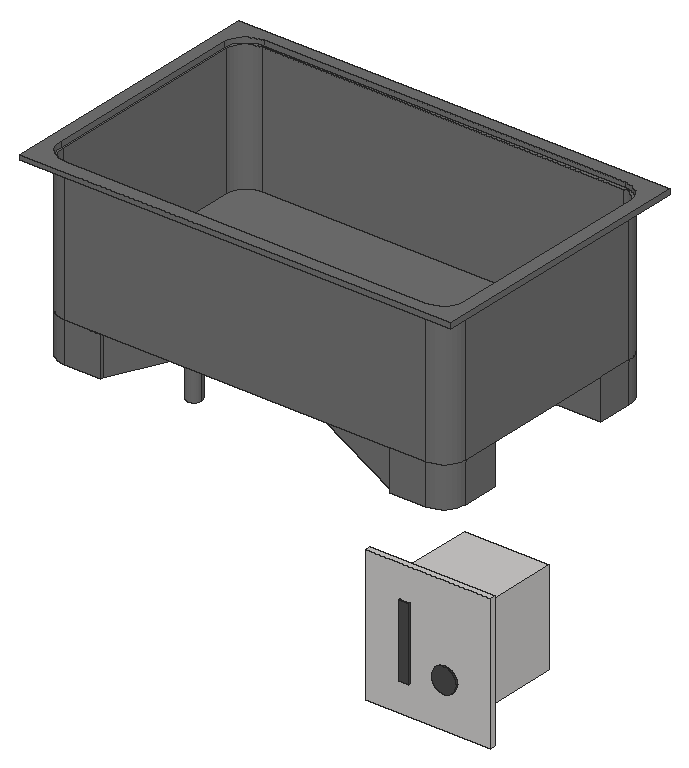
Revit family "QF_Vollrath_72112", category Specialty Equipment, Revit 2016
Family settings
  Part Type = Normal
  Round Connector Dimension = Use Diameter
  OmniClass Number = 23.40.40.14.14
  OmniClass Title = Food Preparation Equipment
  Work Plane-Based = No
  Always vertical = Yes
  Cut with Voids When Loaded = No
  Shared = No
  Room Calculation Point = No
Parameters
  Weight in Pounds = 31.84
  Watts = 700 W
  Watermarked By = "http://revitwatermark.com"
  Waste Water Discharge Temperature [instance] = -459.67 °F
  Volts = 120 V
  URL Cutsheet = ""
  URL = "www.vollrathco.com"
  Status [instance] = ""
  Specification by User [instance] = ""
  Specification by Manufacturer [instance] = ""
  Serial Number [instance] = ""
  Seismic Rating [instance] = ""
  SMACNA No [instance] = ""
  Revision Code [instance] = ""
  Remote Control Width [instance] = 2' - 0"
  Remote Control Height AFF [instance] = 2' - 6 3/8"
  Remote Control Depth [instance] = 0' - 8"
  Plumbing Remarks [instance] = ""
  Plumbing Connection Type [instance] = ""
  Phase = 1
  Number of Poles = 1
  NAFEM Spec ID Number [instance] = ""
  Model = "72112"
  Masterspec [instance] = ""
  Manufacturer = "Vollrath"
  Item Number [instance] = "-"
  Installed By [instance] = ""
  Indirect Waste Size = 1/2"
  Indirect Waste Flow [instance] = 0.00 GPM
  Indirect Waste Connection Type [instance] = ""
  Indirect Waste Connection Height [instance] = Height AFF - 0' 11"  # 2' - 0.88"
  Height AFF [instance] = 2' - 11.88"
  Furnished By [instance] = ""
  Foodservice Equipment Identifier [instance] = yes
  FL Amps = 5.8 A
  Electrical Remarks [instance] = ""
  Electric Connection Type [instance] = ""
  Elec Conn RI Height [instance] = 0' - 0"
  Elec Conn Connection Height [instance] = Height AFF - 0' 8"  # 2' - 3.88"
  Description = "Drop-In Warmer"
  Cycle = 60 Hz
  Conn Conduit = yes
  CSI MasterFormat = "11 42 00"
  Assembly Code = "E1090320"
  Apparent Power = Volts * FL Amps  # 696 VA
Reference planes (in)
  plane 1 "BACK": x = -0.78363
  plane 2: z = 0
  plane 3 "LEFT": y = 11.55242
  plane 4 "RIGHT": y = -2.19758
  plane 5: x = -22.43863
  plane 6: y = 10.80242
  plane 7: y = -1.44758
  plane 8: x = -1.53363
  plane 9 "Front of Bottom": x = -21.68863
  plane 10 "Table Top": z = 35.88
  plane 11 "TOP": z = 36.13
  plane 12 "BOTTOM": z = 26.985
  plane 13 "Bottom of Well": z = 29
  plane 14: y = 7.99592
  plane 15: y = 1.35892
  plane 16: x = -4.34613
  plane 17: x = -18.87613
  plane 18 "Drain": z = 25
  plane 19: x = 1.56137
  plane 20: x = 7.81137
  plane 21: y = -5.52258
  plane 22 "RC Front": y = -10.44758
  plane 23: y = -10.19758
  plane 24: x = 6.81137
  plane 25: x = 2.56137
  plane 26: z = 30.375
  plane 27: z = 23.625
  plane 28: z = 24.625
  plane 29: z = 29.375
  plane 30: z = 28.74817
  plane 31: z = 25.10671
  plane 32: z = 23.055
Forms (in)
  Extrusion 1, solid, material "QF_Finishes_Dark Grey"
    sketch origin (-0.78363, 5.55242, 35.88) x (1, 0, 0) y (0, 1, 0)
      loop
        arc (-0.75, 4.25) -> (-1.04289, 4.95711) -> (-1.75, 5.25) r 1
        line (-1.75, 5.25) -> (-19.905, 5.25)
        arc (-19.905, 5.25) -> (-20.61211, 4.95711) -> (-20.905, 4.25) r 1
        line (-20.905, 4.25) -> (-20.905, -6)
        arc (-20.905, -6) -> (-20.61211, -6.70711) -> (-19.905, -7) r 1
        line (-19.905, -7) -> (-1.75, -7)
        arc (-1.75, -7) -> (-1.04289, -6.70711) -> (-0.75, -6) r 1
        line (-0.75, -6) -> (-0.75, 4.25)
      loop
        arc (-0.625, 4.25) -> (-0.9545, 5.0455) -> (-1.75, 5.375) r 1.125
        line (-1.75, 5.375) -> (-19.905, 5.375)
        arc (-19.905, 5.375) -> (-20.7005, 5.0455) -> (-21.03, 4.25) r 1.125
        line (-21.03, 4.25) -> (-21.03, -6)
        arc (-21.03, -6) -> (-20.7005, -6.7955) -> (-19.905, -7.125) r 1.125
        line (-19.905, -7.125) -> (-1.75, -7.125)
        arc (-1.75, -7.125) -> (-0.9545, -6.7955) -> (-0.625, -6) r 1.125
        line (-0.625, -6) -> (-0.625, 4.25)
    from 0 to -6.88
  Extrusion 2, solid, material "QF_Finishes_Dark Grey"
    sketch origin (-0.78363, 5.55242, 29) x (1, 0, 0) y (0, 1, 0)
      loop
        line (-3.5625, 2.4435) -> (-0.625, 2.4435) -> (-0.625, 4.25)
        arc (-0.625, 4.25) -> (-0.9545, 5.0455) -> (-1.75, 5.375) r 1.125
        line (-1.75, 5.375) -> (-3.5625, 5.375) -> (-3.5625, 2.4435)
      loop
        line (-3.5625, -4.1935) -> (-3.5625, -7.125) -> (-1.75, -7.125)
        arc (-1.75, -7.125) -> (-0.9545, -6.7955) -> (-0.625, -6) r 1.125
        line (-0.625, -6) -> (-0.625, -4.1935) -> (-3.5625, -4.1935)
      loop
        line (-18.0925, 2.4435) -> (-18.0925, 5.375) -> (-19.905, 5.375)
        arc (-19.905, 5.375) -> (-20.7005, 5.0455) -> (-21.03, 4.25) r 1.125
        line (-21.03, 4.25) -> (-21.03, 2.4435) -> (-18.0925, 2.4435)
      loop
        line (-18.0925, -4.1935) -> (-21.03, -4.1935) -> (-21.03, -6)
        arc (-21.03, -6) -> (-20.7005, -6.7955) -> (-19.905, -7.125) r 1.125
        line (-19.905, -7.125) -> (-18.0925, -7.125) -> (-18.0925, -4.1935)
    from 0 to -2.015
  Extrusion 3, solid, material "QF_Finishes_Dark Grey"
    sketch origin (0, 11.55242, 0) x (1, 0, 0) y (0, 0, 1)
      loop
        line (-4.34613, 29) -> (-7.83621, 29) -> (-4.34613, 26.985) -> (-4.34613, 29)
    from 0.75 to 3.5565
  Extrusion 4, solid, material "QF_Finishes_Dark Grey"
    sketch origin (-0.78363, -2.10258, 0) x (1, 0, 0) y (0, 0, -1)
      loop
        line (-3.5625, -29) -> (-3.5625, -26.985) -> (-7.05258, -29) -> (-3.5625, -29)
    from 0.655 to 3.4615
  Extrusion 5, solid, material "QF_Finishes_Dark Grey"
    sketch origin (0, -10.10258, 0) x (-1, 0, 0) y (0, 0, -1)
      loop
        line (18.87613, -29) -> (18.87613, -26.985) -> (15.38605, -29) -> (18.87613, -29)
    from -20.905 to -18.0985
  Extrusion 6, solid, material "QF_Finishes_Dark Grey"
    sketch origin (-22.43863, -2.10258, 0) x (-1, 0, 0) y (0, 0, 1)
      loop
        line (-3.5625, 29) -> (-7.05258, 29) -> (-3.5625, 26.985) -> (-3.5625, 29)
    from 0.655 to 3.4615
  Extrusion 7, solid, material "QF_Finishes_Dark Grey"
    sketch origin (-16.53363, 5.55242, 29) x (1, 0, 0) y (0, 1, 0)
      loop
        circle (-2.9145, -0.5565) r 0.25
      loop
        circle (-2.9145, -0.5565) r 0.375
    from 0 to -5.945
  Extrusion 8, solid, material "QF_Finishes_Stainless Steel"
    sketch origin (0, -10.44758, 0) x (1, 0, 0) y (0, 0, 1)
      loop
        line (1.56137, 30.375) -> (1.56137, 23.625) -> (7.81137, 23.625) -> (7.81137, 30.375) -> (1.56137, 30.375)
    from 0 to -0.25
  Extrusion 9, solid, material "QF_Finishes_Stainless Steel"
    sketch origin (0, -10.44758, 0) x (1, 0, 0) y (0, 0, 1)
      loop
        line (2.56137, 29.375) -> (2.56137, 24.625) -> (6.81137, 24.625) -> (6.81137, 29.375) -> (2.56137, 29.375)
    from -0.25 to -4.925
  Extrusion 10, solid, material "QF_Finishes_Black"
    sketch origin (0, -10.44758, 0) x (1, 0, 0) y (0, 0, 1)
      loop
        line (3.2708, 25.10671) -> (3.7708, 25.10671) -> (3.7708, 28.74817) -> (3.2708, 28.74817) -> (3.2708, 25.10671)
      loop
        circle (5.5208, 25.90442) r 0.625
    from 0 to 0.0625
  Extrusion 11, solid, material "QF_Finishes_Dark Grey"
    sketch origin (0, 0, 29) x (0, 1, 0) y (-1, 0, 0)
      loop
        line (9.80242, 21.68863) -> (-0.44758, 21.68863)
        arc (-0.44758, 21.68863) -> (-1.15469, 21.39574) -> (-1.44758, 20.68863) r 1
        line (-1.44758, 20.68863) -> (-1.44758, 2.53363)
        arc (-1.44758, 2.53363) -> (-1.15469, 1.82652) -> (-0.44758, 1.53363) r 1
        line (-0.44758, 1.53363) -> (9.80242, 1.53363)
        arc (9.80242, 1.53363) -> (10.50953, 1.82652) -> (10.80242, 2.53363) r 1
        line (10.80242, 2.53363) -> (10.80242, 20.68863)
        arc (10.80242, 20.68863) -> (10.50953, 21.39574) -> (9.80242, 21.68863) r 1
    from 0 to 0.375
  Extrusion 12, solid, material "QF_Finishes_Dark Grey"
    sketch origin (0, 0, 29) x (0, 1, 0) y (-1, 0, 0)
      loop
        line (11.55242, 22.43863) -> (-2.19758, 22.43863) -> (-2.19758, 0.78363) -> (11.55242, 0.78363) -> (11.55242, 22.43863)
      loop
        arc (-1.57258, 2.53363) -> (-1.24308, 1.73814) -> (-0.44758, 1.40863) r 1.125
        line (-0.44758, 1.40863) -> (9.80242, 1.40863)
        arc (9.80242, 1.40863) -> (10.59791, 1.73814) -> (10.92742, 2.53363) r 1.125
        line (10.92742, 2.53363) -> (10.92742, 20.68863)
        arc (10.92742, 20.68863) -> (10.59791, 21.48413) -> (9.80242, 21.81363) r 1.125
        line (9.80242, 21.81363) -> (-0.44758, 21.81363)
        arc (-0.44758, 21.81363) -> (-1.24308, 21.48413) -> (-1.57258, 20.68863) r 1.125
        line (-1.57258, 20.68863) -> (-1.57258, 2.53363)
    from 6.88 to 7.13
Lines and regions (in)
  symbolic lines
    curve 1: line (-0.78363, 11.55242, 29) -> (-0.78363, -2.19758, 29)
    curve 2: line (-22.43863, 11.55242, 29) -> (-0.78363, 11.55242, 29)
    curve 3: line (-22.43863, -2.19758, 29) -> (-22.43863, 11.55242, 29)
    curve 4: line (-0.78363, -2.19758, 29) -> (-22.43863, -2.19758, 29)
    curve 5: line (-1.53363, 9.80242, 29) -> (-1.53363, -0.44758, 29)
    curve 6: line (-20.68863, 10.80242, 29) -> (-2.53363, 10.80242, 29)
    curve 7: line (-21.68863, -0.54436, 29) -> (-21.68863, 9.80242, 29)
    curve 8: line (-2.53363, -1.44758, 29) -> (-20.78541, -1.44758, 29)
    curve 9: arc (-1.53363, 9.80242, 29) -> (-1.82652, 10.50953, 29) -> (-2.53363, 10.80242, 29) r 1
    curve 10: arc (-1.53363, -0.44758, 29) -> (-1.82652, -1.15469, 29) -> (-2.53363, -1.44758, 29) r 1
    curve 11: arc (-20.78541, -1.44758, 29) -> (-21.42408, -1.18303, 29) -> (-21.68863, -0.54436, 29) r 0.90323
    curve 12: arc (-21.68863, 9.80242, 29) -> (-21.39574, 10.50953, 29) -> (-20.68863, 10.80242, 29) r 1
    curve 13: arc (-19.19813, 4.99592, 29) -> (-19.44813, 4.74592, 29) -> (-19.69813, 4.99592, 29) r 0.25
    curve 14: arc (-19.69813, 4.99592, 29) -> (-19.44813, 5.24592, 29) -> (-19.19813, 4.99592, 29) r 0.25
  symbolic lines, style "SpecialityEquipmentHiddenLines"
    curve 15: line (1.56137, -10.19758, 29) -> (7.81137, -10.19758, 29)
    curve 16: line (1.56137, -10.44758, 29) -> (1.56137, -10.19758, 29)
    curve 17: line (7.81137, -10.44758, 29) -> (1.56137, -10.44758, 29)
    curve 18: line (7.81137, -10.19758, 29) -> (7.81137, -10.44758, 29)
    curve 19: line (2.56137, -5.52258, 29) -> (6.81137, -5.52258, 29)
    curve 20: line (2.56137, -10.19758, 29) -> (2.56137, -5.52258, 29)
    curve 21: line (6.81137, -5.52258, 29) -> (6.81137, -10.19758, 29)
    curve 22: line (3.18582, -10.44758, 29) -> (6.23602, -10.44758, 29)
Dimensions and locks (in)
  locked: plane 3 "LEFT" to plane 4 "RIGHT" at 13.75
  plane 5 to plane 1 "BACK" = 1' - 9.655"
  locked: plane 3 "LEFT" to plane 6 at 0.75
  locked: plane 7 to plane 4 "RIGHT" at 0.75
  locked: plane 8 to plane 1 "BACK" at 0.75
  locked: plane 5 to plane 9 "Front of Bottom" at 0.75
  "Height AFF": plane 10 "Table Top" to plane 2
  locked: plane 11 "TOP" to plane 10 "Table Top" at 0.25
  locked: plane 11 "TOP" to plane 12 "BOTTOM" at 9.145
  locked: plane 13 "Bottom of Well" to plane 12 "BOTTOM" at 2.015
  locked: plane 6 to plane 14 at 2.8065
  locked: plane 15 to plane 7 at 2.8065
  locked: plane 16 to plane 8 at 2.8125
  locked: plane 9 "Front of Bottom" to plane 17 at 2.8125
  locked: plane 13 "Bottom of Well" to plane 18 "Drain" at 4
  locked: plane 22 "RC Front" to plane 21 at 4.925
  locked: plane 22 "RC Front" to plane 23 at 0.25
  locked: plane 19 to plane 25 at 1
  locked: plane 25 to plane 24 at 4.25
  locked: plane 24 to plane 20 at 1
  "Remote Control Height AFF": plane 26 to level
  locked: plane 26 to plane 29 at 1
  locked: plane 29 to plane 28 at 4.75
  locked: plane 28 to plane 27 at 1
  locked: plane 26 to Extrusion 10 sketch curve at 4.47058
  locked: plane 29 to plane 30 at 0.62683
  locked: plane 31 to plane 28 at 0.48171
  "Remote Control Depth": plane 23 to plane 4 "RIGHT"
  "Remote Control Width": plane 5 to plane 19
  locked: plane 18 "Drain" to plane 32 at 1.945
  aligned and locked: level to plane 2
  aligned and locked: plane 8 to Extrusion 1 sketch curve
  aligned and locked: plane 6 to Extrusion 1 sketch curve
  aligned and locked: Extrusion 1 sketch curve to plane 9 "Front of Bottom"
  aligned and locked: Extrusion 1 sketch curve to plane 7
  aligned and locked: Extrusion 1 to plane 13 "Bottom of Well"
  aligned and locked: Extrusion 2 sketch curve to plane 16
  aligned and locked: plane 14 to Extrusion 2 sketch curve
  aligned and locked: plane 16 to Extrusion 2 sketch curve
  aligned and locked: plane 15 to Extrusion 2 sketch curve
  aligned and locked: Extrusion 2 sketch curve to plane 17
  aligned and locked: Extrusion 2 sketch curve to plane 14
  aligned and locked: plane 17 to Extrusion 2 sketch curve
  aligned and locked: Extrusion 2 sketch curve to plane 15
  aligned and locked: Extrusion 2 to plane 12 "BOTTOM"
  aligned: Extrusion 7 to plane 18 "Drain"
  aligned and locked: Extrusion 8 sketch curve to plane 26
  aligned and locked: plane 19 to Extrusion 8 sketch curve
  aligned and locked: plane 27 to Extrusion 8 sketch curve
  aligned and locked: Extrusion 8 sketch curve to plane 20
  aligned and locked: Extrusion 8 to plane 23
  aligned and locked: Extrusion 9 sketch curve to plane 29
  aligned and locked: plane 25 to Extrusion 9 sketch curve
  aligned and locked: plane 28 to Extrusion 9 sketch curve
  aligned and locked: Extrusion 9 sketch curve to plane 24
  aligned and locked: Extrusion 9 to plane 23
  aligned and locked: Extrusion 9 to plane 21
  aligned and locked: plane 23 to curve 15
  aligned and locked: curve 17 to plane 22 "RC Front"
  aligned and locked: plane 19 to curve 16
  aligned and locked: curve 18 to plane 20
  aligned and locked: curve 21 to plane 24
  aligned and locked: plane 21 to curve 19
  aligned and locked: plane 25 to curve 20
  aligned and locked: Extrusion 5 to plane 6
  aligned and locked: Extrusion 5 to plane 14
  aligned and locked: plane 7 to Extrusion 6
  aligned and locked: plane 15 to Extrusion 6
  aligned and locked: Extrusion 3 to plane 6
  aligned and locked: Extrusion 3 to plane 14
  aligned and locked: plane 15 to Extrusion 4
  aligned and locked: plane 7 to Extrusion 4
  aligned and locked: Extrusion 11 to plane 13 "Bottom of Well"
  aligned and locked: plane 11 "TOP" to Extrusion 12
  aligned and locked: Extrusion 12 to plane 10 "Table Top"
  aligned: Extrusion 10 to Extrusion 9  (x4)
  aligned: Extrusion 9 to Extrusion 10
  aligned and locked: plane 31 to Extrusion 10
  aligned and locked: Extrusion 10 to plane 30
  aligned: Extrusion 9 to plane 30
  aligned and locked: Extrusion 7 to plane 32
Automatic sketch dimensions
  Extrusion 3 sketch curve to plane 13 "Bottom of Well" = 0' - 0"
  Extrusion 3 sketch curve to plane 12 "BOTTOM" = 0' - 0"
  plane 16 to Extrusion 3 sketch curve = 0' - 0"
  plane 16 to Extrusion 3 sketch curve = 0' - 3.49008"
  Extrusion 4 sketch curve to plane 13 "Bottom of Well" = 0' - 0"
  Extrusion 4 sketch curve to plane 12 "BOTTOM" = 0' - 0"
  plane 16 to Extrusion 4 sketch curve = 0' - 0"
  plane 16 to Extrusion 4 sketch curve = 0' - 3.49008"
  Extrusion 5 sketch curve to plane 13 "Bottom of Well" = 0' - 0"
  Extrusion 5 sketch curve to plane 12 "BOTTOM" = 0' - 0"
  plane 17 to Extrusion 5 sketch curve = 0' - 0"
  plane 17 to Extrusion 5 sketch curve = 0' - 3.49008"
  Extrusion 6 sketch curve to plane 13 "Bottom of Well" = 0' - 0"
  Extrusion 6 sketch curve to plane 12 "BOTTOM" = 0' - 0"
  plane 17 to Extrusion 6 sketch curve = 0' - 0"
  Extrusion 6 sketch curve to Extrusion 6 sketch curve = 0' - 3.49008"
  Extrusion 10 sketch curve to plane 24 = 0' - 1.29057"
  plane 18 "Drain" to Extrusion 10 sketch curve = 0' - 0.10671"
  Extrusion 10 sketch curve to plane 13 "Bottom of Well" = 0' - 0.25183"
  Extrusion 1 sketch curve to Extrusion 1 sketch curve = 0' - 0"  (x8)
  Extrusion 1 sketch curve to Extrusion 1 sketch curve = 0' - 0 1/8"
  Extrusion 1 sketch curve to plane 9 "Front of Bottom" = 0' - 1"  (x2)
  plane 8 to Extrusion 1 sketch curve = 0' - 1"  (x2)
  Extrusion 2 sketch curve to plane 6 = 0' - 0 1/8"
  Extrusion 2 sketch curve to plane 9 "Front of Bottom" = 0' - 1"  (x2)
  plane 7 to Extrusion 2 sketch curve = 0' - 0 1/8"  (x2)
  plane 9 "Front of Bottom" to Extrusion 2 sketch curve = 0' - 0 1/8"  (x2)
  plane 8 to Extrusion 2 sketch curve = 0' - 1"  (x2)
  Extrusion 2 sketch curve to plane 8 = 0' - 0 1/8"  (x2)
  plane 6 to Extrusion 2 sketch curve = 0' - 1"
  Extrusion 7 sketch curve to Extrusion 7 sketch curve = 0' - 0"  (x2)
  plane 16 to Extrusion 7 sketch curve = 1' - 3.477"
  Extrusion 7 sketch curve to Extrusion 7 sketch curve = 0' - 0 1/8"
  Extrusion 7 sketch curve to Extrusion 7 sketch curve = 0' - 0 1/4"
  Extrusion 7 sketch curve to plane 14 = 0' - 3"
  plane 25 to Extrusion 10 sketch curve = 0' - 1.20943"
  plane 25 to Extrusion 10 sketch curve = 0' - 0.70943"
  Extrusion 11 sketch curve to plane 9 "Front of Bottom" = 0' - 0"
  plane 6 to Extrusion 11 sketch curve = 0' - 0"
  plane 6 to Extrusion 11 sketch curve = 0' - 1"
  plane 8 to Extrusion 11 sketch curve = 0' - 1"
  Extrusion 11 sketch curve to plane 8 = 0' - 0"
  Extrusion 11 sketch curve to plane 7 = 0' - 1"
  plane 7 to Extrusion 11 sketch curve = 0' - 0"
  Extrusion 11 sketch curve to plane 9 "Front of Bottom" = 0' - 1"
  plane 4 "RIGHT" to Extrusion 12 sketch curve = 0' - 0"
  plane 3 "LEFT" to Extrusion 12 sketch curve = 0' - 0"
  Extrusion 12 sketch curve to plane 5 = 0' - 0"
  Extrusion 12 sketch curve to plane 1 "BACK" = 0' - 0"
  plane 7 to Extrusion 12 sketch curve = 0' - 0 1/8"
  Extrusion 12 sketch curve to plane 8 = 0' - 0 1/8"
  Extrusion 12 sketch curve to plane 7 = 0' - 1"  (x2)
  plane 6 to Extrusion 12 sketch curve = 0' - 1"  (x2)
  Extrusion 12 sketch curve to plane 6 = 0' - 0 1/8"
  Extrusion 12 sketch curve to plane 9 "Front of Bottom" = 0' - 1"
  curve 13 to curve 14 = 0' - 0"  (x2)
  plane 22 "RC Front" to curve 22 = 0' - 0"
  plane 4 "RIGHT" to curve 4 = 0' - 0"
  plane 7 to curve 8 = 0' - 0"
  curve 7 to plane 9 "Front of Bottom" = 0' - 0"
  curve 10 to plane 8 = 0' - 0"
  plane 6 to curve 9 = 0' - 0"
  curve 2 to plane 1 "BACK" = 0' - 0"
  plane 3 "LEFT" to curve 2 = 0' - 0"
  curve 3 to plane 5 = 0' - 0"
  curve 11 to plane 7 = 0' - 0.90323"
  curve 10 to plane 7 = 0' - 1"
  plane 17 to curve 13 = 0' - 0.822"
  curve 13 to plane 14 = 0' - 3"
  plane 6 to curve 7 = 0' - 1"
  plane 6 to curve 5 = 0' - 1"
  curve 22 to plane 24 = 0' - 0.57535"
  plane 25 to curve 22 = 0' - 0.62446"
  plane 17 to curve 13 = 0' - 0.322"
  radius of Extrusion 10 sketch curve = 0' - 0 5/8"
Connectors (in)
  piping at (-19.44813, 4.99592, 23.055), diameter 0.5, driven by "Indirect Waste Flow"
    settings: on Extrusion 7, index 2, connector inside diameter 1/2", connector length 0' - 0", flow factor 0, pipe flow 0.00 GPM, pressure drop 0.00 psi, fitting loss kfactor 0, connector angle 0.00°, fixture units 0, engagement length 0' - 0", angle of deflection 0.00°, flow configuration 1, flow direction 2, fitting loss method 0, system type 16, joint type 0, gender type 0, connector reference index -1, connector utility 0, adjustable connector no, is connector primary yes, connector description "Indirect Waste"
  electrical at (4.68637, -5.52258, 27), driven by "Number of Poles", driven by "Volts", driven by "Apparent Power"
    settings: on Extrusion 9, index 3, voltage 120 V, apparent load 696 VA, apparent load phase1 0 VA, apparent load phase2 0 VA, apparent load phase3 0 VA, power factor 1, load classification "Other", number of poles 1, system type 30, power factor state 1, is connector primary yes, connector utility no, sub classification motor no, connector description "Electric"
